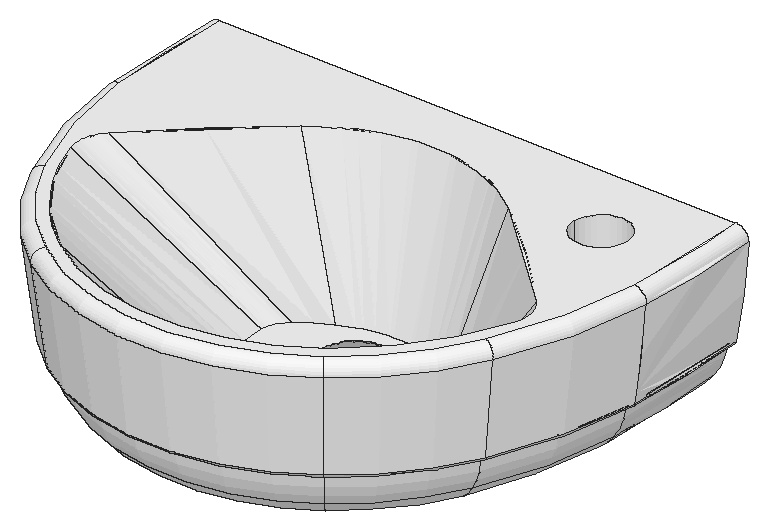
Revit family "NLRS_74_PF_UN_wastafel_S8401200000_SPHINX_BCB", category Plumbing Fixtures, Revit 2016
Family settings
  Part Type = Normal
  Round Connector Dimension = Use Radius
  OmniClass Number = 23.45.00.00
  OmniClass Title = Sanitary, Laundry, and Cleaning Equipment
  Work Plane-Based = No
  Always vertical = Yes
  Cut with Voids When Loaded = No
  Shared = No
  Room Calculation Point = No
Parameters (values of type "fontein 36 cm")
  NLRS_C_type = "Wastafel met kraangat en overloop"
  NLRS_C_serie = "280"
  NLRS_C_revit_versie = "2016"
  NLRS_C_content_versie = "2.0"
  NLRS_C_content_provider = "BouwConnect"
  NLRS_C_content_datum_uitgifte = "APR-2018"
  NLRS_C_content_datum_gewijzigd = "APR-2018"
  NLRS_C_content_creator = "BouwConnect"
  NLRS_C_URL_product_data = "http://www.sphinx.nl/producten/wastafels-%7C-fonteinen/fonteinen/sphinx-280-%7C-fontein-36-cm/26903/"
  Waste Connection = yes
  WFU = 0
  URL = "http://www.sphinx.nl/"
  Type Comments = ""
  NLRS_S_gewicht = 5.50 kg
  NLRS_C_materiaal = none
  NLRS_C_lengte = 280 mm
  NLRS_C_hoogte = 112 mm
  NLRS_C_diameter_uit = 45 mm
  NLRS_C_diameter_in = 35 mm
  NLRS_C_breedte = 360 mm
  Model = "280 fontein 36 cm"  # constant formula
  Manufacturer = "Sphinx"  # constant formula
  Keynote = ""
  IfcTypeProduct = "IfcSanitaryTerminalType"
  IfcExportType = "SINK"
  IfcExportAs = "IfcSanitaryTerminalTypeEnum"
  IfcElement = "IfcFlowTerminal"
  NLRS_C_code_EAN = "8711754162365"
  Description = "wastafel"
  CWFU = 0
  NLRS_C_URL_BCB = "http://bcb-online.nl/?zoekterm=Sphinx+++%5bGeberit+B.V.%5d"
  Assembly Code = "47.11"
Reference planes
  plane 1 "Center (Front/Back)": y = 0
  plane 2: z = 0
  plane 3 "Center (Left/Right)": x = 0
Forms (mm)
  Sweep 1, void, detail levels medium+fine
    path origin (0, 0, 0) x (1, 0, 0) y (0, 1, 0)
      loop
        arc (174.858, 26.483) -> (179.747, -28.662) -> (178.035, -83.998) r 464.071
        arc (178.035, -83.998) -> (169.436, -132.292) -> (152.736, -178.416) r 286.923
        arc (152.736, -178.416) -> (128.942, -216.644) -> (96.507, -247.878) r 182.383
        arc (96.507, -247.878) -> (0, -280.008) -> (-96.507, -247.878) r 161
        arc (-96.507, -247.878) -> (-128.942, -216.644) -> (-152.736, -178.416) r 182.383
        arc (-152.736, -178.416) -> (-169.436, -132.292) -> (-178.035, -83.998) r 286.923
        arc (-178.035, -83.998) -> (-179.82, -31.475) -> (-175.655, 20.913) r 464.071
        line (-175.655, 20.913) -> (-175.655, 60.913)
    profile origin (-175.655, 40.913, 0) x (-1, 0, 0) y (0, 0, 1)
      loop
        line (-108.096, -117.509) -> (-108.096, -125.509) -> (7.242, -125.509) -> (7.242, 9.035) -> (-10.942, 9.035) -> (-10.942, 0) -> (-8.053, 0)
        arc (-8.053, 0) -> (-2.258, -2.484) -> (-0.063, -8.394) r 8
        arc (-0.063, -8.394) -> (-2.971, -39.625) -> (-8.587, -70.484) r 360
        arc (-8.587, -70.484) -> (-9.411, -71.731) -> (-10.853, -72.125) r 2.12
        arc (-10.853, -72.125) -> (-12.768, -72.816) -> (-13.801, -74.57) r 3
        arc (-13.801, -74.57) -> (-17.303, -85.676) -> (-23.33, -95.64) r 48.936
        arc (-23.33, -95.64) -> (-34.263, -105.659) -> (-47.863, -111.573) r 44.927
        arc (-47.863, -111.573) -> (-63.28, -114.709) -> (-78.911, -116.49) r 180.337
        arc (-78.911, -116.49) -> (-93.495, -117.254) -> (-108.096, -117.509) r 418.38
  Extrusion 2, solid, material "74_porcelein_wit", detail levels medium+fine
    sketch origin (0, 0, 0) x (1, 0, 0) y (0, 1, 0)
      loop
        arc (-180.043, 0) -> (-181.939, -42.09) -> (-180.027, -84.179) r 466.071
        arc (-180.027, -84.179) -> (-171.367, -132.81) -> (-154.551, -179.255) r 288.923
        arc (-154.551, -179.255) -> (-130.496, -217.903) -> (-97.706, -249.479) r 184.383
        arc (-97.706, -249.479) -> (0, -282.008) -> (97.706, -249.479) r 163
        arc (97.706, -249.479) -> (130.496, -217.903) -> (154.551, -179.255) r 184.383
        arc (154.551, -179.255) -> (171.367, -132.81) -> (180.027, -84.179) r 288.923
        arc (180.027, -84.179) -> (181.939, -42.09) -> (180.043, 0) r 466.071
        line (180.043, 0) -> (-180.043, 0)
    from -117.509 to 0
  Blend 3, void, detail levels medium+fine
    base sketch origin (-1000.164, 0, 0) x (1, 0, 0) y (0, 1, 0)
      loop
        arc (1033.809, -162.524) -> (1057.042, -133.975) -> (1064.523, -97.935) r 77.676
        arc (1064.523, -97.935) -> (1062.586, -90.014) -> (1057.649, -83.525) r 20
        arc (1057.649, -83.525) -> (1048.082, -76.415) -> (1037.649, -70.653) r 88.692
        arc (1037.649, -70.653) -> (1000.101, -62.308) -> (962.553, -70.653) r 88.649
        arc (962.553, -70.653) -> (952.571, -76.127) -> (943.373, -82.834) r 88.692
        arc (943.373, -82.834) -> (937.72, -89.579) -> (935.509, -98.098) r 20
        arc (935.509, -98.098) -> (943.075, -134.11) -> (966.368, -162.599) r 77.676
        arc (966.368, -162.599) -> (1000.101, -173.874) -> (1033.809, -162.524) r 55.912
    top sketch origin (-1000.164, 0, 0) x (1, 0, 0) y (0, 1, 0)
      loop
        arc (931.434, -60.147) -> (894.398, -92.906) -> (859.007, -127.438) r 1010.877
        arc (859.007, -127.438) -> (852.861, -138.608) -> (853.337, -151.349) r 23.883
        arc (853.337, -151.349) -> (876.304, -197.487) -> (912.198, -234.472) r 167.676
        arc (912.198, -234.472) -> (1000.205, -263.845) -> (1088.129, -234.224) r 145.912
        arc (1088.129, -234.224) -> (1123.815, -197.32) -> (1146.663, -151.349) r 167.676
        arc (1146.663, -151.349) -> (1147.139, -138.608) -> (1140.993, -127.438) r 23.883
        arc (1140.993, -127.438) -> (1105.653, -92.953) -> (1068.672, -60.236) r 1010.877
        arc (1068.672, -60.236) -> (1000.069, -35.173) -> (931.434, -60.147) r 106.613
    from -101.599 to 0
  Extrusion 4, void, detail levels medium+fine
    sketch origin (0, 0, 0) x (1, 0, 0) y (0, 1, 0)
      loop
        circle (120.869, -50.052) r 17.5
    from -40 to 5
  Extrusion 5, void, detail levels medium+fine
    sketch origin (0, 0, 0) x (1, 0, 0) y (0, 1, 0)
      loop
        circle (0, -100) r 22.5
    from -200 to 5
  Revolve 6, solid, material "74_porcelein_wit", detail levels medium+fine
    sketch origin (0, -100, 0) x (1, 0, 0) y (0, 0, 1)
      loop
        line (0, -148.01) -> (0, -117.509) -> (-37.553, -117.509)
        arc (-37.553, -117.509) -> (-35.553, -120.281) -> (-34.73, -123.599) r 9.009
        line (-34.73, -123.599) -> (-33.749, -142.324)
        arc (-33.749, -142.324) -> (-31.887, -146.362) -> (-27.757, -148.01) r 6
        line (-27.757, -148.01) -> (0, -148.01)
      axis (0, -117.509) -> (0, -148.01)
    angle from 0 to 360
  Revolve 7, solid, material "74_metaal_generiek", detail levels fine
    sketch origin (-679.078, -100.289, -46.147) x (1, 0, 0) y (0, 0, 1)
      loop
        line (678.796, -55) -> (678.796, -50)
        arc (678.796, -50) -> (667.501, -50.515) -> (656.274, -51.862) r 153.083
        arc (656.274, -51.862) -> (655.659, -52.206) -> (655.415, -52.868) r 1.018
        line (655.415, -52.868) -> (655.415, -54)
        arc (655.415, -54) -> (655.708, -54.707) -> (656.415, -55) r 1
        line (656.415, -55) -> (678.796, -55)
      axis (678.796, -55) -> (678.796, -50)
    angle from 0 to 360
  Extrusion 8, solid, material "74_porcelein_wit", detail levels coarse
    sketch origin (0.263, -1.001, 0) x (1, 0, 0) y (0, 1, 0)
      loop
        arc (-177.982, -83.993) -> (-169.384, -132.278) -> (-152.688, -178.393) r 286.87
        arc (-152.688, -178.393) -> (-128.901, -216.611) -> (-96.475, -247.836) r 182.33
        arc (-96.475, -247.836) -> (0, -279.955) -> (96.475, -247.836) r 160.947
        arc (96.475, -247.836) -> (128.901, -216.611) -> (152.688, -178.393) r 182.33
        arc (152.688, -178.393) -> (169.384, -132.278) -> (177.982, -83.993) r 286.87
        arc (177.982, -83.993) -> (179.886, -41.494) -> (177.89, 1.001) r 464.018
        line (177.89, 1.001) -> (-177.89, 1.001)
        arc (-177.89, 1.001) -> (-179.886, -41.494) -> (-177.982, -83.993) r 464.018
    from -117.509 to 0
  Extrusion 9, void, detail levels coarse
    sketch origin (0, 0, 0) x (1, 0, 0) y (0, 1, 0)
      loop
        arc (-68.73, -60.147) -> (-105.766, -92.906) -> (-141.156, -127.438) r 1010.877
        arc (-141.156, -127.438) -> (-147.303, -138.608) -> (-146.826, -151.349) r 23.883
        arc (-146.826, -151.349) -> (-123.86, -197.487) -> (-87.965, -234.472) r 167.676
        arc (-87.965, -234.472) -> (0.041, -263.845) -> (87.965, -234.224) r 145.912
        arc (87.965, -234.224) -> (123.651, -197.32) -> (146.499, -151.349) r 167.676
        arc (146.499, -151.349) -> (146.975, -138.608) -> (140.829, -127.438) r 23.883
        arc (140.829, -127.438) -> (105.489, -92.953) -> (68.508, -60.236) r 1010.877
        arc (68.508, -60.236) -> (-0.095, -35.173) -> (-68.73, -60.147) r 106.613
    from -101.599 to 5
  Extrusion 10, solid, not visible
    sketch origin (0, 0, -148.01) x (1, 0, 0) y (0, 1, 0)
      loop
        circle (0, -100) r 22.5
    from 0 to 5
Cuts and joins
  Sweep 1, Blend 3, Extrusion 4, Extrusion 5 cuts Extrusion 2
  Extrusion 5 cuts Revolve 6
  Extrusion 9 cuts Extrusion 8
Dimensions and locks
  aligned and locked: level to plane 2
Connectors
  piping at (0, -100, -148.01), diameter 50, driven by "WFU"
    settings: on Extrusion 10, index 1, connector inside diameter 50 mm, connector length 0 mm, flow factor 0, pipe flow 0.0 L/s, pressure drop 0.0 Pa, fitting loss kfactor 0, connector angle 0.00°, fixture units 0, engagement length 0 mm, angle of deflection 0.00°, flow configuration 3, flow direction 2, fitting loss method 0, system type 16, joint type 0, gender type 0, connector reference index -1, connector utility 0, adjustable connector no, is connector primary yes, connector description "out"
